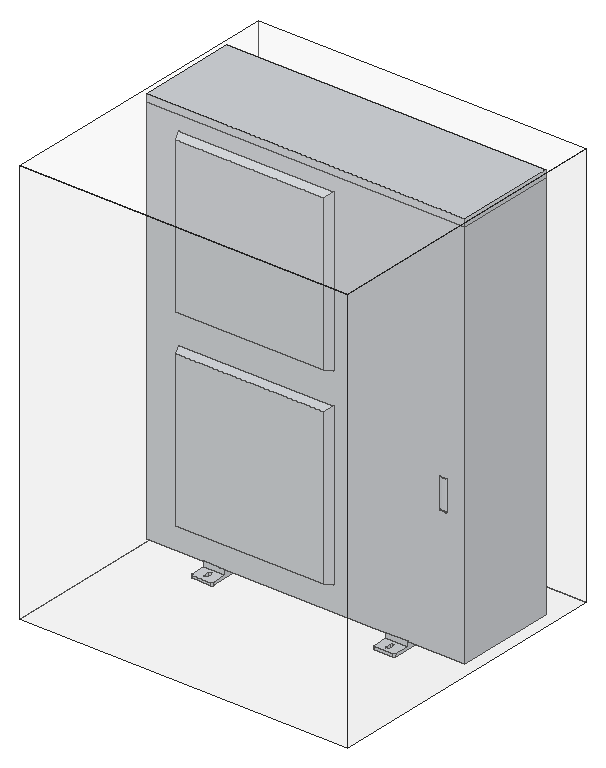
Revit family "puz-hrmp80_160ka9_50hz", category 機械設備, Revit 2019
Family settings
  丸型コネクタ寸法 = 直径を使用
  パーツ タイプ = 標準
  OmniClass 番号 = 23.75.10.24.21.27.27
  OmniClass タイトル = Split System Air Conditioning Units
  作業面ベース = いいえ
  常に垂直 = はい
  ロード時にボイドで切り取り = いいえ
  共有 = いいえ
  部屋計算ポイント = いいえ
Parameters (values of type "室外機_PUZ-HRMP112KA9")
  音響パワーレベル_暖房 (dB) = 69
  音響パワーレベル_冷房 (dB) = 66
  音響パワーレベル(dB) = if([音響パワーレベル_冷房 (dB)] > [音響パワーレベル_暖房 (dB)], [音響パワーレベル_冷房 (dB)], [音響パワーレベル_暖房 (dB)])  # 69
  電源種別 = ""
  電源位置Y = 2 mm
  電源位置Z = 1063 mm
  電源位置X = 325 mm
  電圧 = 200 V
  電動機出力_送風機 = 0.12 kW
  電動機出力_圧縮機 = 2.1 kW
  集中コントローラ [instance] = ""
  運転質量 = 0.00 kg
  運転方法 = "冷暖切替"
  質量 = if(製品質量 > 運転質量, 製品質量, 運転質量) * 1.2  # 135.60 kg
  負荷分類 = 1_熱源類
  説明 = "空冷H/P PAC インバータ室外機"
  設計暖房能力 [instance] = 0 kW
  設計冷房能力_顕熱 [instance] = 0 kW
  設計冷房能力 [instance] = 0 kW
  設置方法 = "床置形"
  記号 [instance] = ""
  製造元 = "三菱電機株式会社"
  製品質量 = 113.00 kg
  製品出荷対象 = "国内"
  製品リリース年月 = ""
  製品グループ = ""
  系統 [instance] = ""
  符号 = "PAC"
  積算_科目 = "1 空気調和設備"
  積算_拾い区分 [instance] = ""
  相 = 3
  盤記号 [instance] = ""
  発停方法 = "付属スイッチ"
  特殊仕様 [instance] = ""
  消費電力_暖房 = 2.69 kW
  消費電力_冷房 = 2.5 kW
  消費電力 = if(消費電力_冷房 > 消費電力_暖房, 消費電力_冷房, 消費電力_暖房)  # 2.69 kW
  法定耐用年数 = "6"
  構成品番 = "PUZ-HRMP112KA9"
  極数 = 3
  材質 [instance] = ""
  本体マテリアル = none
  最小電線太さ_mm2 = 5.5
  最大電流値 = 0 A
  暖房能力 = 11.2 kW
  推奨ブレーカー容量 = 30 A
  据付ピッチ1 = 0 mm
  形式 = "パッケージ形 室外機"
  形名 = PUZ-HDRMP-3 : PUZ-HDRMP-3
  幹線記号 [instance] = ""
  始動方式 = "インバータ始動方式"
  呼称 = "パッケージ形空気調和機_室外機"
  周波数 = 50 Hz
  価格 = 0
  ドレン　位置Z = 23 mm
  ドレン　位置Y = 176 mm
  ドレン　位置X = 45 mm
  アンカーボルト位置Y = 370 mm
  アンカーボルト位置X = 600 mm
  参照している仕様書等のバージョン = "公共建築物標準仕様書（機械設備工事編）平成31年度版"
  分類コード = "5.0053E+13"
  分類グループ = ""
  冷房能力 = 10 kW
  冷媒管（ガス）位置X = 483 mm
  冷媒管（液）位置X = 423 mm
  冷媒管（液）位置Y = 290 mm
  冷媒管（ガス）位置Y = 274 mm
  冷媒管長 [instance] = 0 mm
  冷媒管径符号 = "Bd"
  冷媒管径 = 100.00 mm
  冷媒管位置Z = 450 mm
  冷媒管位置Y = (冷媒管（液）位置Y + 冷媒管（ガス）位置Y) / 2  # 282 mm
  冷媒管位置X = (冷媒管（液）位置X + 冷媒管（ガス）位置X) / 2  # 453 mm
  冷媒液管径 = 9.52 mm
  冷媒ガス管径 = 15.88 mm
  企業コード = "108420"
  付属品 [instance] = ""
  仕様書バージョン = "Version1.0"
  ユニット数 = 1
  Model = ""
  ドレン管径 = 33.00 mm
  サービススペース = yes
  コメント [instance] = ""
  ケーブル種類1 = ""
  【値が 0 の項目は組合せ形名にてご確認ください】 = ""
  Width = 1050 mm
  Version = ""
  Uniclass2015Version = "Systems v1.9"
  Uniclass2015Title = "Split coil remote air cooled condensing units"
  Uniclass2015Code = "Pr_70_65_03_84"
  URL = "https://www.mitsubishielectric.co.jp/ldg/wink/ssl/top.do\""
  SpecificationReference = ""
  SpecificationDescription = ""
  Revision = ""
  ProductInformation = ""
  OmniClassCode = "23-33 17 13 11"
  IfcTypeProduct = ""
  IfcProduct = ""
  IfcExportType = "AIRCONDITIONINGUNIT"
  IfcExportAs = "IfcUnitaryEquipmentType"
  Height = 1338 mm
  Depth = 330 mm
  Clearance Top = 0 mm
  Clearance Right = 15 mm
  Clearance Left = 15 mm
  Clearance Front = 500 mm
  Clearance Bottom = 0 mm
  Clearance Back = 150 mm
  COP_暖房 = 0
  COP_冷房 = 0
  COP = (COP_冷房 + COP_暖房) / 2  # 0
  Author = "三菱電機株式会社"
  APF = 0
Reference planes
  plane 1 "中心(正面/背面)": y = 74
  plane 2: z = 0
  plane 3 "中心(左/右)": x = 830
  plane 4 "右": x = 1355
  plane 5 "左": x = 305
  plane 6 "背面": y = 239
  plane 7 "正面": y = -91
  plane 8 "上部": z = 1338
  plane 9 "Clearanse Top": z = 1338
  plane 10 "SS_back": y = 389
  plane 11 "SS_front": y = -591
  plane 12 "SS_left": x = 290
  plane 13 "SS_right": x = 1370
  plane 14: z = 0
  plane 15: y = -89
  plane 16: x = 1155
  plane 17: z = 1063
  plane 18: y = -87
  plane 19: y = -43
  plane 20: x = 1283
  plane 21: z = 450
  plane 22: z = 452
  plane 23: y = 63
  plane 24: x = 350
  plane 25: z = 25
  plane 26: z = 23
  plane 27: x = 530
  plane 28: x = 1130
  plane 29: y = 259
  plane 30: y = -111
Forms (mm)
  Extrusion 1, solid, detail levels fine
    sketch origin (0, -91, 0) x (1, 0, 0) y (0, 0, 1)
      loop
        circle (1155, 1063) r 13.5
    from -4 to -2
  Extrusion 2, solid, detail levels fine
    sketch origin (-1437.329, -1524, 54) x (-1, 0, 0) y (0, -1, 0)
      loop
        circle (-2720.329, -1481) r 50
    from 396 to 398
  Extrusion 3, solid, detail levels fine
    sketch origin (-1437.329, -1524, 54) x (-1, 0, 0) y (0, -1, 0)
      loop
        circle (-1787.329, -1587) r 16.5
    from -31 to -29
Lines and regions (mm)
  model lines, not visible
    curve 1: line (460, 178.667, 1289.179) -> (460, 297.73, 1289.179)
    curve 2: line (460, 178.667, 1056.056) -> (460, 178.667, 1289.179)
    curve 3: line (460, 297.73, 1056.056) -> (460, 178.667, 1056.056)
    curve 4: line (460, 297.73, 1289.179) -> (460, 297.73, 1056.056)
    curve 5: line (460, 47.598, 1289.179) -> (460, 166.661, 1289.179)
    curve 6: line (460, 47.598, 1056.056) -> (460, 47.598, 1289.179)
    curve 7: line (460, 166.661, 1056.056) -> (460, 47.598, 1056.056)
    curve 8: line (460, 166.661, 1289.179) -> (460, 166.661, 1056.056)
    curve 9: line (460, -83.471, 1289.179) -> (460, 35.592, 1289.179)
    curve 10: line (460, -83.471, 1056.056) -> (460, -83.471, 1289.179)
    curve 11: line (460, 35.592, 1056.056) -> (460, -83.471, 1056.056)
    curve 12: line (460, 35.592, 1289.179) -> (460, 35.592, 1056.056)
    curve 13: line (460, -150.779, 1289.179) -> (460, -95.75, 1289.179)
    curve 14: line (460, -150.779, 1056.056) -> (460, -150.779, 1289.179)
    curve 15: line (460, -95.75, 1056.056) -> (460, -150.779, 1056.056)
    curve 16: line (460, -95.75, 1289.179) -> (460, -95.75, 1056.056)
    curve 17: line (460, -150.779, 1283.175) -> (460, -132.596, 1283.175)
    curve 18: line (460, -150.779, 1062.059) -> (460, -150.779, 1283.175)
    curve 19: line (460, -132.596, 1062.059) -> (460, -150.779, 1062.059)
    curve 20: line (460, -132.596, 1283.175) -> (460, -132.596, 1062.059)
    curve 21: line (460, 178.667, 1046.051) -> (460, 297.73, 1046.051)
    curve 22: line (460, 178.667, 812.928) -> (460, 178.667, 1046.051)
    curve 23: line (460, 297.73, 812.928) -> (460, 178.667, 812.928)
    curve 24: line (460, 297.73, 1046.051) -> (460, 297.73, 812.928)
    curve 25: line (460, 47.598, 1046.051) -> (460, 166.661, 1046.051)
    curve 26: line (460, 47.598, 812.928) -> (460, 47.598, 1046.051)
    curve 27: line (460, 166.661, 812.928) -> (460, 47.598, 812.928)
    curve 28: line (460, 166.661, 1046.051) -> (460, 166.661, 812.928)
    curve 29: line (460, -83.471, 1046.051) -> (460, 35.592, 1046.051)
    curve 30: line (460, -83.471, 812.928) -> (460, -83.471, 1046.051)
    curve 31: line (460, 35.592, 812.928) -> (460, -83.471, 812.928)
    curve 32: line (460, 35.592, 1046.051) -> (460, 35.592, 812.928)
    curve 33: line (460, -150.779, 1046.051) -> (460, -95.75, 1046.051)
    curve 34: line (460, -150.779, 812.928) -> (460, -150.779, 1046.051)
    curve 35: line (460, -95.75, 812.928) -> (460, -150.779, 812.928)
    curve 36: line (460, -95.75, 1046.051) -> (460, -95.75, 812.928)
    curve 37: line (460, -150.779, 1040.048) -> (460, -132.596, 1040.048)
    curve 38: line (460, -150.779, 818.931) -> (460, -150.779, 1040.048)
    curve 39: line (460, -132.596, 818.931) -> (460, -150.779, 818.931)
    curve 40: line (460, -132.596, 1040.048) -> (460, -132.596, 818.931)
    curve 41: line (460, 178.667, 802.923) -> (460, 297.73, 802.923)
    curve 42: line (460, 178.667, 569.8) -> (460, 178.667, 802.923)
    curve 43: line (460, 297.73, 569.8) -> (460, 178.667, 569.8)
    curve 44: line (460, 297.73, 802.923) -> (460, 297.73, 569.8)
    curve 45: line (460, 47.598, 802.923) -> (460, 166.661, 802.923)
    curve 46: line (460, 47.598, 569.8) -> (460, 47.598, 802.923)
    curve 47: line (460, 166.661, 569.8) -> (460, 47.598, 569.8)
    curve 48: line (460, 166.661, 802.923) -> (460, 166.661, 569.8)
    curve 49: line (460, -83.471, 802.923) -> (460, 35.592, 802.923)
    curve 50: line (460, -83.471, 569.8) -> (460, -83.471, 802.923)
    curve 51: line (460, 35.592, 569.8) -> (460, -83.471, 569.8)
    curve 52: line (460, 35.592, 802.923) -> (460, 35.592, 569.8)
    curve 53: line (460, -150.779, 802.923) -> (460, -95.75, 802.923)
    curve 54: line (460, -150.779, 569.8) -> (460, -150.779, 802.923)
    curve 55: line (460, -95.75, 569.8) -> (460, -150.779, 569.8)
    curve 56: line (460, -95.75, 802.923) -> (460, -95.75, 569.8)
    curve 57: line (460, -150.779, 796.92) -> (460, -132.596, 796.92)
    curve 58: line (460, -150.779, 575.803) -> (460, -150.779, 796.92)
    curve 59: line (460, -132.596, 575.803) -> (460, -150.779, 575.803)
    curve 60: line (460, -132.596, 796.92) -> (460, -132.596, 575.803)
    curve 61: line (460, 178.667, 559.795) -> (460, 297.73, 559.795)
    curve 62: line (460, 178.667, 326.672) -> (460, 178.667, 559.795)
    curve 63: line (460, 297.73, 326.672) -> (460, 178.667, 326.672)
    curve 64: line (460, 297.73, 559.795) -> (460, 297.73, 326.672)
    curve 65: line (460, 47.598, 559.795) -> (460, 166.661, 559.795)
    curve 66: line (460, 47.598, 326.672) -> (460, 47.598, 559.795)
    curve 67: line (460, 166.661, 326.672) -> (460, 47.598, 326.672)
    curve 68: line (460, 166.661, 559.795) -> (460, 166.661, 326.672)
    curve 69: line (460, -83.471, 559.795) -> (460, 35.592, 559.795)
    curve 70: line (460, -83.471, 326.672) -> (460, -83.471, 559.795)
    curve 71: line (460, 35.592, 326.672) -> (460, -83.471, 326.672)
    curve 72: line (460, 35.592, 559.795) -> (460, 35.592, 326.672)
    curve 73: line (460, -150.779, 559.795) -> (460, -95.75, 559.795)
    curve 74: line (460, -150.779, 326.672) -> (460, -150.779, 559.795)
    curve 75: line (460, -95.75, 326.672) -> (460, -150.779, 326.672)
    curve 76: line (460, -95.75, 559.795) -> (460, -95.75, 326.672)
    curve 77: line (460, -150.779, 553.792) -> (460, -132.596, 553.792)
    curve 78: line (460, -150.779, 332.675) -> (460, -150.779, 553.792)
    curve 79: line (460, -132.596, 332.675) -> (460, -150.779, 332.675)
    curve 80: line (460, -132.596, 553.792) -> (460, -132.596, 332.675)
    curve 81: line (460, 178.667, 316.667) -> (460, 297.73, 316.667)
    curve 82: line (460, 178.667, 83.544) -> (460, 178.667, 316.667)
    curve 83: line (460, 297.73, 83.544) -> (460, 178.667, 83.544)
    curve 84: line (460, 297.73, 316.667) -> (460, 297.73, 83.544)
    curve 85: line (460, 47.598, 316.667) -> (460, 166.661, 316.667)
    curve 86: line (460, 47.598, 83.544) -> (460, 47.598, 316.667)
    curve 87: line (460, 166.661, 83.544) -> (460, 47.598, 83.544)
    curve 88: line (460, 166.661, 316.667) -> (460, 166.661, 83.544)
    curve 89: line (460, -83.471, 316.667) -> (460, 35.592, 316.667)
    curve 90: line (460, -83.471, 83.544) -> (460, -83.471, 316.667)
    curve 91: line (460, 35.592, 83.544) -> (460, -83.471, 83.544)
    curve 92: line (460, 35.592, 316.667) -> (460, 35.592, 83.544)
    curve 93: line (460, -150.779, 316.667) -> (460, -95.75, 316.667)
    curve 94: line (460, -150.779, 83.544) -> (460, -150.779, 316.667)
    curve 95: line (460, -95.75, 83.544) -> (460, -150.779, 83.544)
    curve 96: line (460, -95.75, 316.667) -> (460, -95.75, 83.544)
    curve 97: line (460, -150.779, 310.664) -> (460, -132.596, 310.664)
    curve 98: line (460, -150.779, 89.547) -> (460, -150.779, 310.664)
    curve 99: line (460, -132.596, 89.547) -> (460, -150.779, 89.547)
    curve 100: line (460, -132.596, 310.664) -> (460, -132.596, 89.547)
Dimensions and locks
  equal spacing: plane 7 "正面", plane 1 "中心(正面/背面)", plane 6 "背面"
  "Depth": plane 7 "正面" to plane 6 "背面"
  "Width": plane 5 "左" to plane 4 "右"
  equal spacing: plane 5 "左", plane 3 "中心(左/右)", plane 4 "右"
  "Clearance Left": plane 12 "SS_left" to plane 5 "左"
  "Clearance Right": plane 4 "右" to plane 13 "SS_right"
  "Clearance Back": plane 6 "背面" to plane 10 "SS_back"
  "Clearance Front": plane 11 "SS_front" to plane 7 "正面"
  "Height": plane 8 "上部" to level
  "Clearance Top": plane 9 "Clearanse Top" to plane 8 "上部"
  "Clearance Bottom": level to plane 14
  "電源位置X": plane 3 "中心(左/右)" to plane 16
  "電源位置Y": plane 7 "正面" to plane 15
  "電源位置Z": plane 17 to level
  locked: plane 15 to plane 18 at 2
  "冷媒管位置X": plane 3 "中心(左/右)" to plane 20
  "冷媒管位置Y": plane 19 to plane 6 "背面"
  "冷媒管位置Z": plane 21 to level
  locked: plane 22 to plane 21 at 2
  "ドレン　位置X": plane 5 "左" to plane 24
  "ドレン　位置Y": plane 23 to plane 6 "背面"
  locked: plane 25 to plane 26 at 2
  "ドレン　位置Z": plane 26 to level
  equal spacing: plane 30, plane 1 "中心(正面/背面)", plane 29
  "アンカーボルト位置Y": plane 30 to plane 29
  equal spacing: plane 27, plane 3 "中心(左/右)", plane 28
  "アンカーボルト位置X": plane 27 to plane 28
  radius of Extrusion 1 sketch curve = 13.5 mm
  "冷媒管径": diameter of Extrusion 2 sketch curve
  "ドレン管径": diameter of Extrusion 3 sketch curve
  aligned and locked: level to plane 2
  aligned and locked: plane 10 "SS_back" to nested 1  (x2)
  aligned and locked: plane 13 "SS_right" to nested 1
  aligned and locked: plane 12 "SS_left" to nested 1  (x2)
  aligned and locked: nested 1 to plane 13 "SS_right"
  aligned and locked: plane 11 "SS_front" to nested 1
  aligned and locked: plane 9 "Clearanse Top" to nested 1
  aligned and locked: plane 1 "中心(正面/背面)" to nested 2
  aligned and locked: plane 3 "中心(左/右)" to nested 2
  aligned and locked: plane 14 to nested 1
  aligned and locked: plane 17 to Extrusion 1 sketch curve
  aligned and locked: plane 16 to Extrusion 1 sketch curve
  aligned and locked: Extrusion 1 to plane 18
  aligned and locked: plane 15 to Extrusion 1
  aligned and locked: plane 19 to Extrusion 2 sketch curve
  aligned and locked: plane 20 to Extrusion 2 sketch curve
  aligned and locked: plane 22 to Extrusion 2
  aligned and locked: Extrusion 2 to plane 21
  aligned and locked: plane 24 to Extrusion 3 sketch curve
  aligned and locked: plane 23 to Extrusion 3 sketch curve
  aligned and locked: plane 25 to Extrusion 3
  aligned and locked: Extrusion 3 to plane 26
  aligned and locked: plane 27 to nested 3
  aligned and locked: plane 29 to nested 3
Nested families
  nested 1: "サービススペース" at (830, -101, 669), visible <- "サービススペース", type "サービススペース"
    with Width 1080 mm, Height 1338 mm, Depth 980 mm
  nested 2: "PUZ-HDRMP-3" at (830, 74, 0), type <- "形名", type "PUZ-HDRMP-3", detail levels fine
    with 冷媒ガス管径-Y 274 mm
  nested 3: "固定点" at (530, -111, 0), type "固定点"
    with W 600 mm, D 370 mm
Connectors
  piping at (1283, -43, 450), diameter 100, driven by "冷媒管径", driven by "冷媒管径符号"
    settings: on Extrusion 2, index 1, connector inside diameter 609.60 mm, connector length 0 mm, flow factor 0, pipe flow 0.0 L/s, pressure drop 0.0 Pa, fitting loss kfactor 0, connector angle 0.00°, fixture units 0, engagement length 0 mm, angle of deflection 0.00°, flow configuration 1, flow direction 2, fitting loss method 4, system type 7, joint type 0, gender type 0, connector reference index -1, connector utility 0, adjustable connector no, is connector primary yes, connector description "Bd"
  electrical at (1155, -89, 1063), driven by "極数", driven by "負荷分類", driven by "電圧", driven by "消費電力"
    settings: on Extrusion 1, index 2, voltage 200 V, apparent load 2690 VA, apparent load phase1 0 VA, apparent load phase2 0 VA, apparent load phase3 0 VA, power factor 1, load classification "1_熱源類", number of poles 3, system type 30, power factor state 1, is connector primary yes, connector utility no, sub classification motor no, connector description ""
Definition of nested family "サービススペース"
  Parameters (values of type "サービススペース")
    Width [instance] = 500 mm
    Height [instance] = 500 mm
    Depth [instance] = 500 mm
  Reference planes
    plane 1 "中心(正面/背面)": y = 0
    plane 2: z = 0
    plane 3 "中心(左/右)": x = 0
    plane 4: y = -250
    plane 5: x = 250
    plane 6: y = 250
    plane 7: x = -250
    plane 8: z = 250
    plane 9: z = -250
  Forms (mm)
    Extrusion 1, solid
      sketch origin (-638.939, 0, 72.39) x (1, 0, 0) y (0, 1, 0)
        loop
          line (388.939, 250) -> (388.939, -250) -> (888.939, -250) -> (888.939, 250) -> (388.939, 250)
      from -322.39 to 177.61
  Lines and regions (mm)
    symbolic lines
      curve 1: line (-250, 0, 250) -> (250, 0, 250)
      curve 2: line (-250, 0, -250) -> (-250, 0, 250)
      curve 3: line (250, 0, -250) -> (-250, 0, -250)
      curve 4: line (250, 0, 250) -> (250, 0, -250)
      curve 5: line (0, -250, 250) -> (0, 250, 250)
      curve 6: line (0, -250, -250) -> (0, -250, 250)
      curve 7: line (0, 250, -250) -> (0, -250, -250)
      curve 8: line (0, 250, 250) -> (0, 250, -250)
      curve 9: line (-250, 250, 0) -> (250, 250, 0)
      curve 10: line (-250, -250, 0) -> (-250, 250, 0)
      curve 11: line (250, -250, 0) -> (-250, -250, 0)
      curve 12: line (250, 250, 0) -> (250, -250, 0)
  Dimensions and locks
    equal spacing: plane 7, plane 3 "中心(左/右)", plane 5
    equal spacing: plane 4, plane 1 "中心(正面/背面)", plane 6
    "Depth": plane 4 to plane 6
    "Width": plane 7 to plane 5
    equal spacing: plane 8, plane 2, plane 9
    "Height": plane 8 to plane 9
    aligned and locked: plane 9 to curve 3
    aligned and locked: plane 7 to curve 2
    aligned and locked: curve 4 to plane 5
    aligned and locked: plane 5 to Extrusion 1
    aligned and locked: Extrusion 1 to plane 7
    aligned and locked: Extrusion 1 to plane 9
    aligned and locked: plane 8 to Extrusion 1
    aligned and locked: plane 9 to curve 7
  Automatic sketch dimensions
    plane 4 to Extrusion 1 sketch curve = 0 mm
    Extrusion 1 sketch curve to plane 7 = 0 mm
    Extrusion 1 sketch curve to plane 5 = 0 mm
    plane 6 to Extrusion 1 sketch curve = 0 mm
    curve 2 to plane 8 = 0 mm
    plane 4 to curve 11 = 0 mm
    curve 11 to plane 7 = 0 mm
    curve 11 to plane 5 = 0 mm
    plane 6 to curve 10 = 0 mm
    curve 7 to plane 4 = 0 mm
    curve 7 to plane 6 = 0 mm
    curve 6 to plane 8 = 0 mm
Definition of nested family "PUZ-HDRMP-3"
  Parameters (values of type "PUZ-ZRMP112KA11")
    配線取出口サイズ = 27 mm
    配線取出口-Z = 1063 mm
    配線取出口-Y = 325 mm
    配線取出口-X = 325 mm
    液配管サイズ = 100 mm
    高さ = 1338 mm
    換気-W = 362 mm
    換気-H2 = 632 mm
    換気-H1 = 369 mm
    換気-D = 25 mm
    奥行き = 330 mm
    吊りボルト_H = 0 mm
    吊りボルト-φ = 12 mm
    冷媒配管サイズ = 9.52 mm
    冷媒液管径-Z = 450 mm
    冷媒液管径-Y = 290 mm
    冷媒液管径-X = 423 mm
    冷媒ガス管径-Z = 421 mm
    冷媒ガス管径-Y = 234 mm
    冷媒ガス管径-X = 483 mm
    吊りボルト-W = 600 mm
    マテリアル = none
    ドレン配管サイズ = 33 mm
    ドレン管径-Z = 0 mm
    ドレン管径-Y = 154 mm
    ドレン管径-X = 480 mm
    タイプ3 = yes
    タイプ2 = no
    タイプ1 = no
    ガス配管サイズ = 15.88 mm
    吊りボルト-D = 370 mm
    幅さ = 1050 mm
    a = 幅さ / 2  # 525 mm
  Reference planes
    plane 1 "中心(正面/背面)": y = 0
    plane 2: z = 0
    plane 3 "中心(左/右)": x = 0
    plane 4: z = 1338
    plane 5: x = -525
    plane 6: x = 525
    plane 7: y = 165
    plane 8: y = -165
    plane 9: x = 587
    plane 10: y = -105
    plane 11: y = 5
    plane 12: z = 1313
    plane 13: x = -545
    plane 14: x = -300
    plane 15: x = 300
    plane 16: y = 185
    plane 17: y = -185
    plane 18: x = 335
    plane 19: x = 265
    plane 20: x = -265
    plane 21: x = -335
    plane 22: y = 204
    plane 23: y = -218
    plane 24: z = 8.5
    plane 25: z = 25
    plane 26: z = 23
    plane 27: z = 1333
    plane 28: y = -40
    plane 29: y = 40
    plane 30: y = -30
    plane 31: y = 30
    plane 32: z = 1318
    plane 33: z = 55
    plane 34: z = 225
    plane 35: z = 570
    plane 36: x = 535
    plane 37: x = 556
    plane 38: y = -190
    plane 39: x = -163
    plane 40: z = 369
    plane 41: x = 91
    plane 42: x = -417
    plane 43: z = 633
    plane 44: z = 105
    plane 45: x = -407
    plane 46: x = 81
    plane 47: z = 623
    plane 48: z = 115
    plane 49: y = 115
    plane 50: y = -115
    plane 51: x = -480
    plane 52: y = -11
    plane 53: x = 483
    plane 54: x = 325
    plane 55: y = -160
    plane 56: y = -125
    plane 57: y = -69
    plane 58: x = 423
    plane 59: z = 421
    plane 60: z = 450
    plane 61: z = 1063
    plane 62: y = -110
    plane 63: z = 550
    plane 64: z = 550
    plane 65: x = 453
    plane 66: y = -97
    plane 67 "グループ": x = -525
    plane 68: z = 1338
    plane 69: z = 943
    plane 70: z = 1001
    plane 71: z = 1265
    plane 72: z = 737
    plane 73: z = 1255
    plane 74: z = 747
    plane 75: y = 125
    plane 76: x = -370
    plane 77: x = -210
    plane 78: x = -50
    plane 79: x = 110
  Forms (mm)
    Extrusion 1, solid, visible <- "タイプ3", detail levels fine
      sketch origin (-1437.329, -1524, 1338) x (-1, 0, 0) y (0, -1, 0)
        loop
          line (-1102.329, -1689) -> (-1102.329, -1359) -> (-1172.329, -1359) -> (-1172.329, -1689) -> (-1102.329, -1689)
        loop
          line (-1702.329, -1689) -> (-1702.329, -1359) -> (-1772.329, -1359) -> (-1772.329, -1689) -> (-1702.329, -1689)
      from -1338 to -1313
    Extrusion 2, solid, material <- "マテリアル", visible <- "タイプ3", detail levels fine
      sketch origin (-1437.329, -1524, 1338) x (-1, 0, 0) y (0, -1, 0)
        loop
          line (-1962.329, -1689) -> (-912.329, -1689) -> (-912.329, -1359) -> (-1962.329, -1359) -> (-1962.329, -1689)
      from -1313 to -25
    Extrusion 3, solid, material <- "マテリアル", visible <- "タイプ3", detail levels fine
      sketch origin (-1437.329, -1524, 1338) x (-1, 0, 0) y (0, -1, 0)
        loop
          line (-912.329, -1689) -> (-912.329, -1359) -> (-1962.329, -1359) -> (-1962.329, -1689) -> (-912.329, -1689)
      from -25 to 0
    Blend 4, solid, material <- "マテリアル", visible <- "タイプ3", detail levels fine
      base sketch origin (0, 0, 0) x (1, 0, 0) y (0, 0, 1)
        loop
          line (-417, 633) -> (-417, 105) -> (91, 105) -> (91, 633) -> (-417, 633)
      top sketch origin (0, 0, 0) x (1, 0, 0) y (0, 0, 1)
        loop
          line (-407, 623) -> (-407, 115) -> (81, 115) -> (81, 623) -> (-407, 623)
      from 165 to 190
    Extrusion 5, solid, material <- "マテリアル", visible <- "タイプ3", detail levels fine
      sketch origin (-1437.329, -1524, 1338) x (-1, 0, 0) y (0, -1, 0)
        loop
          circle (-1920.329, -1455) r 7.94
      from -917 to -788
    Extrusion 6, solid, material <- "マテリアル", visible <- "タイプ3", detail levels fine
      sketch origin (-1437.329, -1524, 1338) x (-1, 0, 0) y (0, -1, 0)
        loop
          circle (-1860.329, -1399) r 4.76
      from -888 to -788
    Extrusion 7, solid, material <- "マテリアル", visible <- "タイプ3", detail levels fine
      sketch origin (1480.036, -190, 1200) x (1, 0, 0) y (0, 0, 1)
        loop
          circle (-1155.036, -137) r 13.5
      from -80 to -30
    Extrusion 8, solid, material <- "マテリアル", visible <- "タイプ3", detail levels fine
      sketch origin (-1437.329, -1524, 1338) x (-1, 0, 0) y (0, -1, 0)
        loop
          circle (-1890.329, -1427) r 50
      from -888 to -788
    Blend 9, solid, material <- "マテリアル", visible <- "タイプ3", detail levels fine
      base sketch origin (1480.036, -190, 1200) x (1, 0, 0) y (0, 0, 1)
        loop
          line (-1897.036, 65) -> (-1897.036, -463) -> (-1389.036, -463) -> (-1389.036, 65) -> (-1897.036, 65)
      top sketch origin (1480.036, -190, 1200) x (1, 0, 0) y (0, 0, 1)
        loop
          line (-1887.036, 55) -> (-1887.036, -453) -> (-1399.036, -453) -> (-1399.036, 55) -> (-1887.036, 55)
      from -25 to 0
    Extrusion 10, solid, visible <- "タイプ3", detail levels fine
      sketch origin (-1437.329, -1524, 1338) x (-1, 0, 0) y (0, -1, 0)
        loop
          line (-1102.329, -1728) -> (-1102.329, -1689) -> (-1172.329, -1689) -> (-1172.329, -1728) -> (-1143.329, -1728) -> (-1143.329, -1709)
          arc (-1143.329, -1709) -> (-1137.329, -1703) -> (-1131.329, -1709) r 6
          line (-1131.329, -1709) -> (-1131.329, -1728) -> (-1102.329, -1728)
        loop
          line (-1102.329, -1359) -> (-1102.329, -1311)
          arc (-1102.329, -1311) -> (-1103.794, -1307.464) -> (-1107.329, -1306) r 5
          line (-1107.329, -1306) -> (-1167.329, -1306)
          arc (-1167.329, -1306) -> (-1170.865, -1307.464) -> (-1172.329, -1311) r 5
          line (-1172.329, -1311) -> (-1172.329, -1359) -> (-1102.329, -1359)
        loop
          arc (-1143.329, -1339) -> (-1137.329, -1345) -> (-1131.329, -1339) r 6
          line (-1131.329, -1339) -> (-1131.329, -1324)
          arc (-1131.329, -1324) -> (-1137.329, -1318) -> (-1143.329, -1324) r 6
          line (-1143.329, -1324) -> (-1143.329, -1339)
        loop
          line (-1772.329, -1728) -> (-1743.329, -1728) -> (-1743.329, -1709)
          arc (-1743.329, -1709) -> (-1737.329, -1703) -> (-1731.329, -1709) r 6
          line (-1731.329, -1709) -> (-1731.329, -1728) -> (-1702.329, -1728) -> (-1702.329, -1689) -> (-1772.329, -1689) -> (-1772.329, -1728)
        loop
          line (-1772.329, -1359) -> (-1702.329, -1359) -> (-1702.329, -1311)
          arc (-1702.329, -1311) -> (-1703.794, -1307.464) -> (-1707.329, -1306) r 5
          line (-1707.329, -1306) -> (-1767.329, -1306)
          arc (-1767.329, -1306) -> (-1770.865, -1307.464) -> (-1772.329, -1311) r 5
          line (-1772.329, -1311) -> (-1772.329, -1359)
        loop
          line (-1731.329, -1339) -> (-1731.329, -1324)
          arc (-1731.329, -1324) -> (-1737.329, -1318) -> (-1743.329, -1324) r 6
          line (-1743.329, -1324) -> (-1743.329, -1339)
          arc (-1743.329, -1339) -> (-1737.329, -1345) -> (-1731.329, -1339) r 6
      from -1338 to -1329.5
    Extrusion 11, solid, material <- "マテリアル", visible <- "タイプ3", detail levels fine
      sketch origin (-1437.329, -1524, 1338) x (-1, 0, 0) y (0, -1, 0)
        loop
          circle (-957.329, -1513) r 16.5
        loop
          circle (-1067.329, -1649) r 16.5
        loop
          circle (-1227.329, -1649) r 16.5
        loop
          circle (-1387.329, -1649) r 16.5
        loop
          circle (-1547.329, -1649) r 16.5
      from -1315 to -1313
  Cuts and joins
    joined: Extrusion 1, Extrusion 10
  Lines and regions (mm)
    Masking region 1, visible <- "タイプ3", detail levels coarse+medium
      outline origin (-1437.329, -1524, 1338) x (-1, 0, 0) y (0, -1, 0)
        loop
          line (-1962.329, -1689) -> (-1772.329, -1689) -> (-1772.329, -1728) -> (-1702.329, -1728) -> (-1702.329, -1689) -> (-1172.329, -1689) -> (-1172.329, -1728) -> (-1102.329, -1728) -> (-1102.329, -1689) -> (-912.329, -1689) -> (-912.329, -1359) -> (-1020.329, -1359) -> (-1030.329, -1334) -> (-1102.329, -1334) -> (-1102.329, -1306) -> (-1172.329, -1306) -> (-1172.329, -1334) -> (-1518.329, -1334) -> (-1528.329, -1359) -> (-1702.329, -1359) -> (-1702.329, -1306) -> (-1772.329, -1306) -> (-1772.329, -1359) -> (-1962.329, -1359) -> (-1962.329, -1689)
    model lines, visible <- "タイプ3", detail levels fine
      curve 1: line (447, 115, 1338) -> (-445, 115, 1338)
      curve 2: line (-445, -115, 1338) -> (447, -115, 1338)
      curve 3: line (-445, -45, 1338) -> (447, -45, 1338)
      curve 4: line (447, 45, 1338) -> (-445, 45, 1338)
      curve 5: line (-445, -35, 1338) -> (447, -35, 1338)
      curve 6: line (447, 35, 1338) -> (-445, 35, 1338)
      curve 7: line (-445, 115, 1338) -> (-445, 45, 1338)
      curve 8: line (447, -115, 1338) -> (447, -45, 1338)
      curve 9: line (-445, 35, 1338) -> (-445, -35, 1338)
      curve 10: line (-445, -45, 1338) -> (-445, -115, 1338)
      curve 11: line (447, -35, 1338) -> (447, 35, 1338)
      curve 12: line (447, 45, 1338) -> (447, 115, 1338)
      curve 13: line (479, -115, 1338) -> (479, 115, 1338)
      curve 14: line (462, -115, 1338) -> (462, 115, 1338)
      curve 15: line (-475, 115, 1338) -> (-475, -115, 1338)
      curve 16: line (-460, 115, 1338) -> (-460, -115, 1338)
      curve 17: line (-460, 115, 1338) -> (-475, 115, 1338)
      curve 18: line (-460, -115, 1338) -> (-475, -115, 1338)
      curve 19: line (462, 115, 1338) -> (479, 115, 1338)
      curve 20: line (462, -115, 1338) -> (479, -115, 1338)
      curve 21: line (-407, -190, 416.5) -> (81, -190, 416.5)
      curve 22: line (81, -190, 321.5) -> (-407, -190, 321.5)
      curve 23: line (-407, -190, 511.5) -> (81, -190, 511.5)
      curve 24: line (-407, -190, 606.5) -> (81, -190, 606.5)
      curve 25: line (81, -190, 226.5) -> (-407, -190, 226.5)
      curve 26: line (81, -190, 131.5) -> (-407, -190, 131.5)
      curve 27: line (-389.571, -190, 623) -> (-389.571, -190, 115)
      curve 28: line (63.571, -190, 115) -> (63.571, -190, 623)
      curve 29: line (-372.143, -190, 623) -> (-372.143, -190, 115)
      curve 30: line (-354.714, -190, 623) -> (-354.714, -190, 115)
      curve 31: line (-337.286, -190, 623) -> (-337.286, -190, 115)
      curve 32: line (-319.857, -190, 623) -> (-319.857, -190, 115)
      curve 33: line (-302.429, -190, 623) -> (-302.429, -190, 115)
      curve 34: line (-285, -190, 623) -> (-285, -190, 115)
      curve 35: line (-267.571, -190, 623) -> (-267.571, -190, 115)
      curve 36: line (-250.143, -190, 623) -> (-250.143, -190, 115)
      curve 37: line (-232.714, -190, 623) -> (-232.714, -190, 115)
      curve 38: line (-215.286, -190, 623) -> (-215.286, -190, 115)
      curve 39: line (-197.857, -190, 623) -> (-197.857, -190, 115)
      curve 40: line (-180.429, -190, 623) -> (-180.429, -190, 115)
      curve 41: line (-163, -190, 623) -> (-163, -190, 115)
      curve 42: line (-145.571, -190, 623) -> (-145.571, -190, 115)
      curve 43: line (-128.143, -190, 623) -> (-128.143, -190, 115)
      curve 44: line (-110.714, -190, 623) -> (-110.714, -190, 115)
      curve 45: line (-93.286, -190, 623) -> (-93.286, -190, 115)
      curve 46: line (-75.857, -190, 623) -> (-75.857, -190, 115)
      curve 47: line (-58.429, -190, 623) -> (-58.429, -190, 115)
      curve 48: line (-41, -190, 623) -> (-41, -190, 115)
      curve 49: line (-23.571, -190, 623) -> (-23.571, -190, 115)
      curve 50: line (-6.143, -190, 623) -> (-6.143, -190, 115)
      curve 51: line (11.286, -190, 623) -> (11.286, -190, 115)
      curve 52: line (28.714, -190, 623) -> (28.714, -190, 115)
      curve 53: line (46.143, -190, 623) -> (46.143, -190, 115)
      curve 54: line (-525, -100, 87) -> (-525, -60, 87)
      curve 55: line (-525, -100, 277) -> (-525, -100, 87)
      curve 56: line (-525, -60, 277) -> (-525, -100, 277)
      curve 57: line (-525, -60, 87) -> (-525, -60, 277)
      curve 58: line (-525, -100, 292) -> (-525, -60, 292)
      curve 59: line (-525, -100, 482) -> (-525, -100, 292)
      curve 60: line (-525, -60, 482) -> (-525, -100, 482)
      curve 61: line (-525, -60, 292) -> (-525, -60, 482)
      curve 62: line (-525, -100, 497) -> (-525, -60, 497)
      curve 63: line (-525, -100, 687) -> (-525, -100, 497)
      curve 64: line (-525, -60, 687) -> (-525, -100, 687)
      curve 65: line (-525, -60, 497) -> (-525, -60, 687)
      curve 66: line (-525, -100, 702) -> (-525, -60, 702)
      curve 67: line (-525, -100, 892) -> (-525, -100, 702)
      curve 68: line (-525, -60, 892) -> (-525, -100, 892)
      curve 69: line (-525, -60, 702) -> (-525, -60, 892)
      curve 70: line (-525, 60, 87) -> (-525, 100, 87)
      curve 71: line (-525, 60, 277) -> (-525, 60, 87)
      curve 72: line (-525, 100, 277) -> (-525, 60, 277)
      curve 73: line (-525, 100, 87) -> (-525, 100, 277)
      curve 74: line (-525, -46.667, 87) -> (-525, -6.667, 87)
      curve 75: line (-525, -46.667, 277) -> (-525, -46.667, 87)
      curve 76: line (-525, -6.667, 277) -> (-525, -46.667, 277)
      curve 77: line (-525, -6.667, 87) -> (-525, -6.667, 277)
      curve 78: line (-525, 6.667, 87) -> (-525, 46.667, 87)
      curve 79: line (-525, 6.667, 277) -> (-525, 6.667, 87)
      curve 80: line (-525, 46.667, 277) -> (-525, 6.667, 277)
      curve 81: line (-525, 46.667, 87) -> (-525, 46.667, 277)
      curve 82: line (-525, 60, 292) -> (-525, 100, 292)
      curve 83: line (-525, 60, 482) -> (-525, 60, 292)
      curve 84: line (-525, 100, 482) -> (-525, 60, 482)
      curve 85: line (-525, 100, 292) -> (-525, 100, 482)
      curve 86: line (-525, 60, 702) -> (-525, 100, 702)
      curve 87: line (-525, 60, 892) -> (-525, 60, 702)
      curve 88: line (-525, 100, 892) -> (-525, 60, 892)
      curve 89: line (-525, 100, 702) -> (-525, 100, 892)
      curve 90: line (-525, -46.667, 292) -> (-525, -6.667, 292)
      curve 91: line (-525, -46.667, 482) -> (-525, -46.667, 292)
      curve 92: line (-525, -6.667, 482) -> (-525, -46.667, 482)
      curve 93: line (-525, -6.667, 292) -> (-525, -6.667, 482)
      curve 94: line (-525, -46.667, 497) -> (-525, -6.667, 497)
      curve 95: line (-525, -46.667, 687) -> (-525, -46.667, 497)
      curve 96: line (-525, -6.667, 687) -> (-525, -46.667, 687)
      curve 97: line (-525, -6.667, 497) -> (-525, -6.667, 687)
      curve 98: line (-525, -46.667, 702) -> (-525, -6.667, 702)
      curve 99: line (-525, -46.667, 892) -> (-525, -46.667, 702)
      curve 100: line (-525, -6.667, 892) -> (-525, -46.667, 892)
      curve 101: line (-525, -6.667, 702) -> (-525, -6.667, 892)
      curve 102: line (-525, 6.667, 292) -> (-525, 46.667, 292)
      curve 103: line (-525, 6.667, 482) -> (-525, 6.667, 292)
      curve 104: line (-525, 46.667, 482) -> (-525, 6.667, 482)
      curve 105: line (-525, 46.667, 292) -> (-525, 46.667, 482)
      curve 106: line (-525, 6.667, 497) -> (-525, 46.667, 497)
      curve 107: line (-525, 6.667, 687) -> (-525, 6.667, 497)
      curve 108: line (-525, 46.667, 687) -> (-525, 6.667, 687)
      curve 109: line (-525, 46.667, 497) -> (-525, 46.667, 687)
      curve 110: line (-525, 6.667, 702) -> (-525, 46.667, 702)
      curve 111: line (-525, 6.667, 892) -> (-525, 6.667, 702)
      curve 112: line (-525, 46.667, 892) -> (-525, 6.667, 892)
      curve 113: line (-525, 46.667, 702) -> (-525, 46.667, 892)
      curve 114: line (-525, -100, 907) -> (-525, -60, 907)
      curve 115: line (-525, -100, 1097) -> (-525, -100, 907)
      curve 116: line (-525, -60, 1097) -> (-525, -100, 1097)
      curve 117: line (-525, -60, 907) -> (-525, -60, 1097)
      curve 118: line (-525, 60, 907) -> (-525, 100, 907)
      curve 119: line (-525, 60, 1097) -> (-525, 60, 907)
      curve 120: line (-525, 100, 1097) -> (-525, 60, 1097)
      curve 121: line (-525, 100, 907) -> (-525, 100, 1097)
      curve 122: line (-525, -46.667, 907) -> (-525, -6.667, 907)
      curve 123: line (-525, -46.667, 1097) -> (-525, -46.667, 907)
      curve 124: line (-525, -6.667, 1097) -> (-525, -46.667, 1097)
      curve 125: line (-525, -6.667, 907) -> (-525, -6.667, 1097)
      curve 126: line (-525, 6.667, 907) -> (-525, 46.667, 907)
      curve 127: line (-525, 6.667, 1097) -> (-525, 6.667, 907)
      curve 128: line (-525, 46.667, 1097) -> (-525, 6.667, 1097)
      curve 129: line (-525, 46.667, 907) -> (-525, 46.667, 1097)
      curve 130: line (-525, -100, 1112) -> (-525, -60, 1112)
      curve 131: line (-525, -100, 1302) -> (-525, -100, 1112)
      curve 132: line (-525, -60, 1302) -> (-525, -100, 1302)
      curve 133: line (-525, -60, 1112) -> (-525, -60, 1302)
      curve 134: line (-525, 60, 1112) -> (-525, 100, 1112)
      curve 135: line (-525, 60, 1302) -> (-525, 60, 1112)
      curve 136: line (-525, 100, 1302) -> (-525, 60, 1302)
      curve 137: line (-525, 100, 1112) -> (-525, 100, 1302)
      curve 138: line (-525, -46.667, 1112) -> (-525, -6.667, 1112)
      curve 139: line (-525, -46.667, 1302) -> (-525, -46.667, 1112)
      curve 140: line (-525, -6.667, 1302) -> (-525, -46.667, 1302)
      curve 141: line (-525, -6.667, 1112) -> (-525, -6.667, 1302)
      curve 142: line (-525, 6.667, 1112) -> (-525, 46.667, 1112)
      curve 143: line (-525, 6.667, 1302) -> (-525, 6.667, 1112)
      curve 144: line (-525, 46.667, 1302) -> (-525, 6.667, 1302)
      curve 145: line (-525, 46.667, 1112) -> (-525, 46.667, 1302)
      curve 303: line (81, -190, 1238.5) -> (-407, -190, 1238.5)
      curve 304: line (-407, -190, 763.5) -> (81, -190, 763.5)
      curve 305: line (-389.571, -190, 1255) -> (-389.571, -190, 747)
      curve 306: line (81, -190, 858.5) -> (-407, -190, 858.5)
      curve 307: line (81, -190, 1143.5) -> (-407, -190, 1143.5)
      curve 308: line (81, -190, 1048.5) -> (-407, -190, 1048.5)
      curve 309: line (-407, -190, 953.5) -> (81, -190, 953.5)
      curve 310: line (-372.143, -190, 1255) -> (-372.143, -190, 747)
      curve 311: line (-354.714, -190, 1255) -> (-354.714, -190, 747)
      curve 312: line (-337.286, -190, 1255) -> (-337.286, -190, 747)
      curve 313: line (-319.857, -190, 1255) -> (-319.857, -190, 747)
      curve 314: line (-302.429, -190, 1255) -> (-302.429, -190, 747)
      curve 315: line (-285, -190, 1255) -> (-285, -190, 747)
      curve 316: line (-267.571, -190, 1255) -> (-267.571, -190, 747)
      curve 317: line (-250.143, -190, 1255) -> (-250.143, -190, 747)
      curve 318: line (-232.714, -190, 1255) -> (-232.714, -190, 747)
      curve 319: line (-215.286, -190, 1255) -> (-215.286, -190, 747)
      curve 320: line (-197.857, -190, 1255) -> (-197.857, -190, 747)
      curve 321: line (-180.429, -190, 1255) -> (-180.429, -190, 747)
      curve 322: line (-163, -190, 1255) -> (-163, -190, 747)
      curve 323: line (-145.571, -190, 1255) -> (-145.571, -190, 747)
      curve 324: line (-128.143, -190, 1255) -> (-128.143, -190, 747)
      curve 325: line (-110.714, -190, 1255) -> (-110.714, -190, 747)
      curve 326: line (-93.286, -190, 1255) -> (-93.286, -190, 747)
      curve 327: line (-75.857, -190, 1255) -> (-75.857, -190, 747)
      curve 328: line (-58.429, -190, 1255) -> (-58.429, -190, 747)
      curve 329: line (-41, -190, 1255) -> (-41, -190, 747)
      curve 330: line (-23.571, -190, 1255) -> (-23.571, -190, 747)
      curve 331: line (-6.143, -190, 1255) -> (-6.143, -190, 747)
      curve 332: line (11.286, -190, 1255) -> (11.286, -190, 747)
      curve 333: line (28.714, -190, 1255) -> (28.714, -190, 747)
      curve 334: line (46.143, -190, 1255) -> (46.143, -190, 747)
      curve 335: line (63.571, -190, 1255) -> (63.571, -190, 747)
    model lines, visible <- "タイプ3", not visible, detail levels fine
      curve 146: line (-525, -100, 907) -> (-525, -60, 907)
      curve 147: line (-525, -100, 1097) -> (-525, -100, 907)
      curve 148: line (-525, -60, 1097) -> (-525, -100, 1097)
      curve 149: line (-525, -60, 907) -> (-525, -60, 1097)
      curve 150: line (-525, 60, 907) -> (-525, 100, 907)
      curve 151: line (-525, 60, 1097) -> (-525, 60, 907)
      curve 152: line (-525, 100, 1097) -> (-525, 60, 1097)
      curve 153: line (-525, 100, 907) -> (-525, 100, 1097)
      curve 154: line (-525, -46.667, 907) -> (-525, -6.667, 907)
      curve 155: line (-525, -46.667, 1097) -> (-525, -46.667, 907)
      curve 156: line (-525, -6.667, 1097) -> (-525, -46.667, 1097)
      curve 157: line (-525, -6.667, 907) -> (-525, -6.667, 1097)
      curve 158: line (-525, 6.667, 907) -> (-525, 46.667, 907)
      curve 159: line (-525, 6.667, 1097) -> (-525, 6.667, 907)
      curve 160: line (-525, 46.667, 1097) -> (-525, 6.667, 1097)
      curve 161: line (-525, 46.667, 907) -> (-525, 46.667, 1097)
      curve 162: line (-525, -100, 1112) -> (-525, -60, 1112)
      curve 163: line (-525, -100, 1302) -> (-525, -100, 1112)
      curve 164: line (-525, -60, 1302) -> (-525, -100, 1302)
      curve 165: line (-525, -60, 1112) -> (-525, -60, 1302)
      curve 166: line (-525, 60, 1112) -> (-525, 100, 1112)
      curve 167: line (-525, 60, 1302) -> (-525, 60, 1112)
      curve 168: line (-525, 100, 1302) -> (-525, 60, 1302)
      curve 169: line (-525, 100, 1112) -> (-525, 100, 1302)
      curve 170: line (-525, -46.667, 1112) -> (-525, -6.667, 1112)
      curve 171: line (-525, -46.667, 1302) -> (-525, -46.667, 1112)
      curve 172: line (-525, -6.667, 1302) -> (-525, -46.667, 1302)
      curve 173: line (-525, -6.667, 1112) -> (-525, -6.667, 1302)
      curve 174: line (-525, 6.667, 1112) -> (-525, 46.667, 1112)
      curve 175: line (-525, 6.667, 1302) -> (-525, 6.667, 1112)
      curve 176: line (-525, 46.667, 1302) -> (-525, 6.667, 1302)
      curve 177: line (-525, 46.667, 1112) -> (-525, 46.667, 1302)
      curve 194: line (-525, -100, 87) -> (-525, -60, 87)
      curve 195: line (-525, -100, 277) -> (-525, -100, 87)
      curve 196: line (-525, -60, 277) -> (-525, -100, 277)
      curve 197: line (-525, -60, 87) -> (-525, -60, 277)
      curve 198: line (-525, -100, 292) -> (-525, -60, 292)
      curve 199: line (-525, -100, 482) -> (-525, -100, 292)
      curve 200: line (-525, -60, 482) -> (-525, -100, 482)
      curve 201: line (-525, -60, 292) -> (-525, -60, 482)
      curve 202: line (-525, -100, 497) -> (-525, -60, 497)
      curve 203: line (-525, -100, 687) -> (-525, -100, 497)
      curve 204: line (-525, -60, 687) -> (-525, -100, 687)
      curve 205: line (-525, -60, 497) -> (-525, -60, 687)
      curve 206: line (-525, -100, 702) -> (-525, -60, 702)
      curve 207: line (-525, -100, 892) -> (-525, -100, 702)
      curve 208: line (-525, -60, 892) -> (-525, -100, 892)
      curve 209: line (-525, -60, 702) -> (-525, -60, 892)
      curve 210: line (-525, 60, 87) -> (-525, 100, 87)
      curve 211: line (-525, 60, 277) -> (-525, 60, 87)
      curve 212: line (-525, 100, 277) -> (-525, 60, 277)
      curve 213: line (-525, 100, 87) -> (-525, 100, 277)
      curve 214: line (-525, -46.667, 87) -> (-525, -6.667, 87)
      curve 215: line (-525, -46.667, 277) -> (-525, -46.667, 87)
      curve 216: line (-525, -6.667, 277) -> (-525, -46.667, 277)
      curve 217: line (-525, -6.667, 87) -> (-525, -6.667, 277)
      curve 218: line (-525, 6.667, 87) -> (-525, 46.667, 87)
      curve 219: line (-525, 6.667, 277) -> (-525, 6.667, 87)
      curve 220: line (-525, 46.667, 277) -> (-525, 6.667, 277)
      curve 221: line (-525, 46.667, 87) -> (-525, 46.667, 277)
      curve 222: line (-525, 60, 292) -> (-525, 100, 292)
      curve 223: line (-525, 60, 482) -> (-525, 60, 292)
      curve 224: line (-525, 100, 482) -> (-525, 60, 482)
      curve 225: line (-525, 100, 292) -> (-525, 100, 482)
      curve 226: line (-525, 60, 702) -> (-525, 100, 702)
      curve 227: line (-525, 60, 892) -> (-525, 60, 702)
      curve 228: line (-525, 100, 892) -> (-525, 60, 892)
      curve 229: line (-525, 100, 702) -> (-525, 100, 892)
      curve 230: line (-525, -46.667, 292) -> (-525, -6.667, 292)
      curve 231: line (-525, -46.667, 482) -> (-525, -46.667, 292)
      curve 232: line (-525, -6.667, 482) -> (-525, -46.667, 482)
      curve 233: line (-525, -6.667, 292) -> (-525, -6.667, 482)
      curve 234: line (-525, -46.667, 497) -> (-525, -6.667, 497)
      curve 235: line (-525, -46.667, 687) -> (-525, -46.667, 497)
      curve 236: line (-525, -6.667, 687) -> (-525, -46.667, 687)
      curve 237: line (-525, -6.667, 497) -> (-525, -6.667, 687)
      curve 238: line (-525, -46.667, 702) -> (-525, -6.667, 702)
      curve 239: line (-525, -46.667, 892) -> (-525, -46.667, 702)
      curve 240: line (-525, -6.667, 892) -> (-525, -46.667, 892)
      curve 241: line (-525, -6.667, 702) -> (-525, -6.667, 892)
      curve 242: line (-525, 6.667, 292) -> (-525, 46.667, 292)
      curve 243: line (-525, 6.667, 482) -> (-525, 6.667, 292)
      curve 244: line (-525, 46.667, 482) -> (-525, 6.667, 482)
      curve 245: line (-525, 46.667, 292) -> (-525, 46.667, 482)
      curve 246: line (-525, 6.667, 497) -> (-525, 46.667, 497)
      curve 247: line (-525, 6.667, 687) -> (-525, 6.667, 497)
      curve 248: line (-525, 46.667, 687) -> (-525, 6.667, 687)
      curve 249: line (-525, 46.667, 497) -> (-525, 46.667, 687)
      curve 250: line (-525, 6.667, 702) -> (-525, 46.667, 702)
      curve 251: line (-525, 6.667, 892) -> (-525, 6.667, 702)
      curve 252: line (-525, 46.667, 892) -> (-525, 6.667, 892)
      curve 253: line (-525, 46.667, 702) -> (-525, 46.667, 892)
    model lines, visible <- "タイプ2", not visible
      curve 178: line (-600, -100, 33.5) -> (-600, -60, 33.5)
      curve 179: line (-600, -100, 73.5) -> (-600, -100, 33.5)
      curve 180: line (-600, -60, 73.5) -> (-600, -100, 73.5)
      curve 181: line (-600, -60, 33.5) -> (-600, -60, 73.5)
      curve 182: line (-600, 60, 33.5) -> (-600, 100, 33.5)
      curve 183: line (-600, 60, 73.5) -> (-600, 60, 33.5)
      curve 184: line (-600, 100, 73.5) -> (-600, 60, 73.5)
      curve 185: line (-600, 100, 33.5) -> (-600, 100, 73.5)
      curve 186: line (-509, -46.667, 33.5) -> (-509, -6.667, 33.5)
      curve 187: line (-509, -46.667, 73.5) -> (-509, -46.667, 33.5)
      curve 188: line (-509, -6.667, 73.5) -> (-509, -46.667, 73.5)
      curve 189: line (-509, -6.667, 33.5) -> (-509, -6.667, 73.5)
      curve 190: line (-509, 6.667, 33.5) -> (-509, 46.667, 33.5)
      curve 191: line (-509, 6.667, 73.5) -> (-509, 6.667, 33.5)
      curve 192: line (-509, 46.667, 73.5) -> (-509, 6.667, 73.5)
      curve 193: line (-509, 46.667, 33.5) -> (-509, 46.667, 73.5)
      curve 287: line (-404.5, -100, 33.5) -> (-404.5, -60, 33.5)
      curve 288: line (-404.5, -100, 73.5) -> (-404.5, -100, 33.5)
      curve 289: line (-404.5, -60, 73.5) -> (-404.5, -100, 73.5)
      curve 290: line (-404.5, -60, 33.5) -> (-404.5, -60, 73.5)
      curve 291: line (-404.5, 60, 33.5) -> (-404.5, 100, 33.5)
      curve 292: line (-404.5, 60, 73.5) -> (-404.5, 60, 33.5)
      curve 293: line (-404.5, 100, 73.5) -> (-404.5, 60, 73.5)
      curve 294: line (-404.5, 100, 33.5) -> (-404.5, 100, 73.5)
      curve 295: line (-404.5, -46.667, 33.5) -> (-404.5, -6.667, 33.5)
      curve 296: line (-404.5, -46.667, 73.5) -> (-404.5, -46.667, 33.5)
      curve 297: line (-404.5, -6.667, 73.5) -> (-404.5, -46.667, 73.5)
      curve 298: line (-404.5, -6.667, 33.5) -> (-404.5, -6.667, 73.5)
      curve 299: line (-404.5, 6.667, 33.5) -> (-404.5, 46.667, 33.5)
      curve 300: line (-404.5, 6.667, 73.5) -> (-404.5, 6.667, 33.5)
      curve 301: line (-404.5, 46.667, 73.5) -> (-404.5, 6.667, 73.5)
      curve 302: line (-404.5, 46.667, 33.5) -> (-404.5, 46.667, 73.5)
    model lines, not visible
      curve 254: line (-338.5, -173.2, 372.5) -> (149.5, -173.2, 372.5)
      curve 255: line (149.5, -173.2, 277.5) -> (-338.5, -173.2, 277.5)
      curve 256: line (-338.5, -173.2, 467.5) -> (149.5, -173.2, 467.5)
      curve 257: line (-338.5, -173.2, 562.5) -> (149.5, -173.2, 562.5)
      curve 258: line (149.5, -173.2, 182.5) -> (-338.5, -173.2, 182.5)
      curve 259: line (149.5, -173.2, 87.5) -> (-338.5, -173.2, 87.5)
      curve 260: line (-321.071, -173.2, 579) -> (-321.071, -173.2, 71)
      curve 261: line (132.071, -173.2, 71) -> (132.071, -173.2, 579)
      curve 262: line (-303.643, -173.2, 579) -> (-303.643, -173.2, 71)
      curve 263: line (-286.214, -173.2, 579) -> (-286.214, -173.2, 71)
      curve 264: line (-268.786, -173.2, 579) -> (-268.786, -173.2, 71)
      curve 265: line (-251.357, -173.2, 579) -> (-251.357, -173.2, 71)
      curve 266: line (-233.929, -173.2, 579) -> (-233.929, -173.2, 71)
      curve 267: line (-216.5, -173.2, 579) -> (-216.5, -173.2, 71)
      curve 268: line (-199.071, -173.2, 579) -> (-199.071, -173.2, 71)
      curve 269: line (-181.643, -173.2, 579) -> (-181.643, -173.2, 71)
      curve 270: line (-164.214, -173.2, 579) -> (-164.214, -173.2, 71)
      curve 271: line (-146.786, -173.2, 579) -> (-146.786, -173.2, 71)
      curve 272: line (-129.357, -173.2, 579) -> (-129.357, -173.2, 71)
      curve 273: line (-111.929, -173.2, 579) -> (-111.929, -173.2, 71)
      curve 274: line (-94.5, -173.2, 579) -> (-94.5, -173.2, 71)
      curve 275: line (-77.071, -173.2, 579) -> (-77.071, -173.2, 71)
      curve 276: line (-59.643, -173.2, 579) -> (-59.643, -173.2, 71)
      curve 277: line (-42.214, -173.2, 579) -> (-42.214, -173.2, 71)
      curve 278: line (-24.786, -173.2, 579) -> (-24.786, -173.2, 71)
      curve 279: line (-7.357, -173.2, 579) -> (-7.357, -173.2, 71)
      curve 280: line (10.071, -173.2, 579) -> (10.071, -173.2, 71)
      curve 281: line (27.5, -173.2, 579) -> (27.5, -173.2, 71)
      curve 282: line (44.929, -173.2, 579) -> (44.929, -173.2, 71)
      curve 283: line (62.357, -173.2, 579) -> (62.357, -173.2, 71)
      curve 284: line (79.786, -173.2, 579) -> (79.786, -173.2, 71)
      curve 285: line (97.214, -173.2, 579) -> (97.214, -173.2, 71)
      curve 286: line (114.643, -173.2, 579) -> (114.643, -173.2, 71)
    symbolic lines, visible <- "タイプ3"
      curve 336: line (-344.073, 165, 1338) -> (-525, 165, 1338)
      curve 337: line (-525, 165, 1338) -> (-525, -165, 1338)
      curve 338: line (-525, -165, 1338) -> (-323.037, -165, 1338)
      curve 339: line (-417, -165, 1338) -> (-407, -190, 1338)
      curve 340: line (-407, -190, 1338) -> (-357.105, -190, 1338)
      curve 341: line (-335, -190, 1338) -> (-335, -218, 1338)
      curve 342: line (-335, -218, 1338) -> (-265, -218, 1338)
      curve 343: line (-265, -218, 1338) -> (-265, -190, 1338)
      curve 344: line (-357.105, -190, 1338) -> (81, -190, 1338)
      curve 345: line (81, -190, 1338) -> (91, -165, 1338)
      curve 346: line (-323.037, -165, 1338) -> (300.043, -165, 1338)
      curve 347: line (265, -165, 1338) -> (265, -218, 1338)
      curve 348: line (265, -218, 1338) -> (335, -218, 1338)
      curve 349: line (335, -218, 1338) -> (335, -165, 1338)
      curve 350: line (300.043, -165, 1338) -> (525, -165, 1338)
      curve 351: line (525, -165, 1338) -> (525, 165, 1338)
      curve 352: line (525, 165, 1338) -> (363.157, 165, 1338)
      curve 353: line (335, 165, 1338) -> (335, 204, 1338)
      curve 354: line (335, 204, 1338) -> (265, 204, 1338)
      curve 355: line (265, 204, 1338) -> (265, 165, 1338)
      curve 356: line (363.157, 165, 1338) -> (-344.073, 165, 1338)
      curve 357: line (-265, 165, 1338) -> (-265, 204, 1338)
      curve 358: line (-265, 204, 1338) -> (-335, 204, 1338)
      curve 359: line (-335, 204, 1338) -> (-335, 165, 1338)
      curve 360: line (-475, 115, 1338) -> (-460, 115, 1338)
      curve 361: line (-475, -115, 1338) -> (-475, 115, 1338)
      curve 362: line (-460, -115, 1338) -> (-475, -115, 1338)
      curve 363: line (-460, 115, 1338) -> (-460, -115, 1338)
      curve 364: line (-445, 115, 1338) -> (447, 115, 1338)
      curve 365: line (-445, 45, 1338) -> (-445, 115, 1338)
      curve 366: line (447, 45, 1338) -> (-445, 45, 1338)
      curve 367: line (447, 115, 1338) -> (447, 45, 1338)
      curve 368: line (447, 35, 1338) -> (-445, 35, 1338)
      curve 369: line (447, -35, 1338) -> (447, 35, 1338)
      curve 370: line (-445, -35, 1338) -> (447, -35, 1338)
      curve 371: line (-445, 35, 1338) -> (-445, -35, 1338)
      curve 372: line (-445, -45, 1338) -> (447, -45, 1338)
      curve 373: line (-445, -115, 1338) -> (-445, -45, 1338)
      curve 374: line (447, -115, 1338) -> (-445, -115, 1338)
      curve 375: line (447, -45, 1338) -> (447, -115, 1338)
      curve 376: line (462, -115, 1338) -> (479, -115, 1338)
      curve 377: line (462, 115, 1338) -> (462, -115, 1338)
      curve 378: line (479, 115, 1338) -> (462, 115, 1338)
      curve 379: line (479, -115, 1338) -> (479, 115, 1338)
  Dimensions and locks
    equal spacing: plane 8, plane 1 "中心(正面/背面)", plane 7
    "奥行き": plane 8 to plane 7
    equal spacing: plane 5, plane 3 "中心(左/右)", plane 6
    "幅さ": plane 5 to plane 6
    "高さ": plane 4 to level
    locked: plane 6 to plane 9 at 62
    locked: plane 8 to plane 10 at 60
    locked: plane 8 to plane 11 at 170
    locked: plane 4 to plane 12 at 25
    locked: plane 13 to plane 5 at 20
    "吊りボルト-D": plane 17 to plane 16
    equal spacing: plane 17, plane 1 "中心(正面/背面)", plane 16
    equal spacing: plane 14, plane 3 "中心(左/右)", plane 15
    "吊りボルト-W": plane 14 to plane 15
    plane 21 to plane 14 to plane 20 = 35 mm locked, 35 mm locked
    plane 19 to plane 15 to plane 18 = 35 mm locked, 35 mm locked
    locked: plane 16 to plane 22 at 19
    locked: plane 23 to plane 17 at 33
    locked: plane 24 to level at 8.5
    plane 25 to level = 25 mm
    locked: plane 4 to plane 27 at 5
    plane 7 to plane 1 "中心(正面/背面)" to plane 8 = 165 mm, 165 mm
    plane 29 to plane 1 "中心(正面/背面)" to plane 28 = 40 mm, 40 mm
    plane 31 to plane 1 "中心(正面/背面)" to plane 30 = 30 mm, 30 mm
    locked: plane 32 to plane 12 at 5
    locked: plane 33 to level at 55
    locked: plane 34 to level at 225
    equal spacing: plane 6, plane 37, plane 9
    locked: plane 6 to plane 36 at 10
    "換気-D": plane 38 to plane 8
    "換気-W": plane 39 to plane 5
    "換気-H1": plane 40 to level
    plane 41 to plane 39 to plane 42 = 254 mm locked, 254 mm locked
    plane 43 to plane 40 to plane 44 = 264 mm locked, 264 mm locked
    locked: plane 41 to plane 46 at 10
    locked: plane 45 to plane 42 at 10
    locked: plane 43 to plane 47 at 10
    locked: plane 48 to plane 44 at 10
    locked: curve 26 to plane 48 at 16.5
    locked: plane 47 to curve 24 at 16.5
    equal spacing: curve 24, curve 23, curve 21, curve 22, curve 25, curve 26
    equal spacing: plane 46, curve 28, curve 53, curve 52, curve 51, curve 50, curve 49, curve 48, curve 47, curve 46, curve 45, curve 44, curve 43, curve 42, curve 41, curve 40, curve 39, curve 38, curve 37, curve 36, curve 35, curve 34, curve 33, curve 32, curve 31, curve 30, curve 29, curve 27, plane 45
    locked: curve 4 to curve 6 at 10
    locked: curve 3 to curve 5 at 10
    locked: plane 49 to plane 7 at 50
    locked: plane 8 to plane 50 at 50
    "ドレン管径-Y": plane 8 to plane 52
    "配線取出口-Y": plane 55 to plane 7
    "冷媒液管径-Y": plane 56 to plane 7
    "冷媒ガス管径-Y": plane 57 to plane 7
    "配線取出口-X": plane 3 "中心(左/右)" to plane 54
    "冷媒ガス管径-X": plane 3 "中心(左/右)" to plane 53
    "冷媒液管径-X": plane 3 "中心(左/右)" to plane 58
    "冷媒液管径-Z": plane 60 to level
    "冷媒ガス管径-Z": plane 59 to level
    "配線取出口-Z": plane 61 to level
    locked: plane 55 to plane 62 at 50
    plane 63 to plane 59 = 129 mm
    locked: plane 64 to plane 60 at 100
    equal spacing: plane 58, plane 65, plane 53
    equal spacing: plane 56, plane 66, plane 57
    "a": plane 67 "グループ" to plane 3 "中心(左/右)"
    plane 69 to level = 943 mm
    plane 68 to level = 1338 mm
    locked: plane 35 to level at 570
    curve 21 to plane 40 to curve 22 = 47.5 mm locked, 47.5 mm locked
    "換気-H2": plane 70 to plane 40
    plane 71 to plane 70 to plane 72 = 264 mm locked, 264 mm locked
    locked: plane 74 to plane 72 at 10
    locked: plane 71 to plane 73 at 10
    locked: plane 73 to curve 303 at 16.5
    locked: curve 304 to plane 74 at 16.5
    equal spacing: curve 303, curve 307, curve 308, curve 309, curve 306, curve 304
    equal spacing: plane 46, curve 335, curve 334, curve 333, curve 332, curve 331, curve 330, curve 329, curve 328, curve 327, curve 326, curve 325, curve 324, curve 323, curve 322, curve 321, curve 320, curve 319, curve 318, curve 317, curve 316, curve 315, curve 314, curve 313, curve 312, curve 311, curve 310, curve 305, plane 45
    locked: plane 25 to plane 26 at 2
    "ドレン管径-X": plane 51 to plane 3 "中心(左/右)"
    locked: plane 52 to plane 75 at 136
    plane 51 to plane 76 to plane 77 to plane 78 to plane 79 = 110 mm locked, 160 mm locked, 160 mm locked, 160 mm locked
    "ガス配管サイズ": diameter of Extrusion 5 sketch curve
    "冷媒配管サイズ": diameter of Extrusion 6 sketch curve
    "配線取出口サイズ": diameter of Extrusion 7 sketch curve
    "液配管サイズ": diameter of Extrusion 8 sketch curve
    "ドレン配管サイズ": diameter of Extrusion 11 sketch curve  (x5)
    aligned and locked: level to plane 2
    aligned and locked: Extrusion 1 to level
    aligned and locked: plane 25 to Extrusion 1
    aligned and locked: Extrusion 2 sketch curve to plane 7
    aligned and locked: Extrusion 2 sketch curve to plane 8
    aligned and locked: Extrusion 2 sketch curve to plane 5
    aligned and locked: Extrusion 2 sketch curve to plane 6
    aligned and locked: Extrusion 2 to plane 25
    aligned and locked: plane 12 to Extrusion 2
    aligned and locked: Extrusion 3 sketch curve to Extrusion 2  (x4)
    aligned and locked: Extrusion 3 to plane 12
    aligned and locked: plane 4 to Extrusion 3
    aligned and locked: Blend 4 sketch curve to plane 43
    aligned and locked: Blend 4 sketch curve to plane 44
    aligned and locked: Blend 4 sketch curve to plane 42
    aligned and locked: Blend 4 sketch curve to plane 41
    aligned and locked: Blend 4 sketch curve to plane 47
    aligned and locked: Blend 4 sketch curve to plane 45
    aligned and locked: Blend 4 sketch curve to plane 46
    aligned and locked: Blend 4 sketch curve to plane 48
    aligned and locked: Blend 4 to plane 8
    aligned and locked: plane 38 to Blend 4
